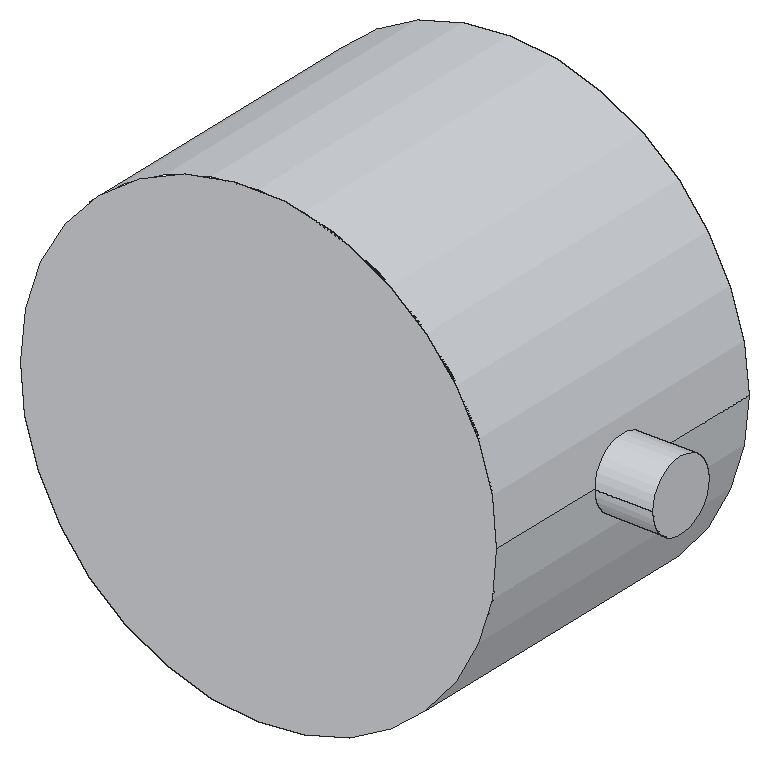
Revit family "배관부속_T_지름10", category 배관 부속류, Revit 2023
Family settings
  원형 커넥터 치수 = 지름 사용
  부품 유형 = 엘보
  작업 기준면 기반 = 아니오
  항상 수직 = 예
  로드될 때 보이드를 사용하여 절단 = 아니오
  공유 = 아니오
Parameters (values of type "배관부속_T_지름10")
  지름 = 114 mm
  기본 높이 = 0 mm
Types (3): name
  배관부속_T_지름10
  배관부속_T_지름5
  배관부속_T_지름12
Reference planes
  plane 1 "중심(앞/뒤)": y = 0
  plane 2: z = 0
  plane 3 "중심(왼쪽/오른쪽)": x = 0
Forms (mm)
  Sweep 1, solid
    path origin (0, -60, 0) x (1, 0, 0) y (0, 1, 0)
      loop
        line (0, 87) -> (0, 33)
    profile origin (0, 0, 0) x (1, 0, 0) y (0, 0, 1)
      loop
        circle (0, 0) r 41
  Sweep 2, solid
    path origin (5, 0, 0) x (1, 0, 0) y (0, 1, 0)
      loop
        line (36.004, 0) -> (46.004, 0)
    profile origin (46.004, 0, 0) x (0, 1, 0) y (0, 0, 1)
      loop
        circle (0, 0) r 6
Dimensions and locks
  aligned and locked: level to plane 2
Connectors
  piping at (0, -27, 0), diameter 82
    settings: on Sweep 1, index 1, connector inside diameter 609.6 mm, connector length 0 mm, flow factor 0, pipe flow 0.0 L/s, pressure drop 0.0 Pa, fitting loss kfactor 0, connector angle 0.00°, fixture units 0, engagement length 0 mm, angle of deflection 0.00°, flow configuration 0, flow direction 0, fitting loss method 0, system type 7, joint type 0, gender type 0, connector reference index -1, connector utility 0, adjustable connector no, is connector primary yes, connector description ""
  piping at (51.004, 0, 0), diameter 12
    settings: on Sweep 2, index 2, connector inside diameter 609.6 mm, connector length 0 mm, flow factor 0, pipe flow 0.0 L/s, pressure drop 0.0 Pa, fitting loss kfactor 0, connector angle 0.00°, fixture units 0, engagement length 0 mm, angle of deflection 0.00°, flow configuration 0, flow direction 0, fitting loss method 0, system type 7, joint type 0, gender type 0, connector reference index -1, connector utility 0, adjustable connector no, is connector primary no, connector description ""
  piping at (0, 27, 0), diameter 82
    settings: on Sweep 1, index 3, connector inside diameter 609.6 mm, connector length 0 mm, flow factor 0, pipe flow 0.0 L/s, pressure drop 0.0 Pa, fitting loss kfactor 0, connector angle 0.00°, fixture units 0, engagement length 0 mm, angle of deflection 0.00°, flow configuration 0, flow direction 0, fitting loss method 0, system type 7, joint type 0, gender type 0, connector reference index -1, connector utility 0, adjustable connector no, is connector primary no, connector description ""
